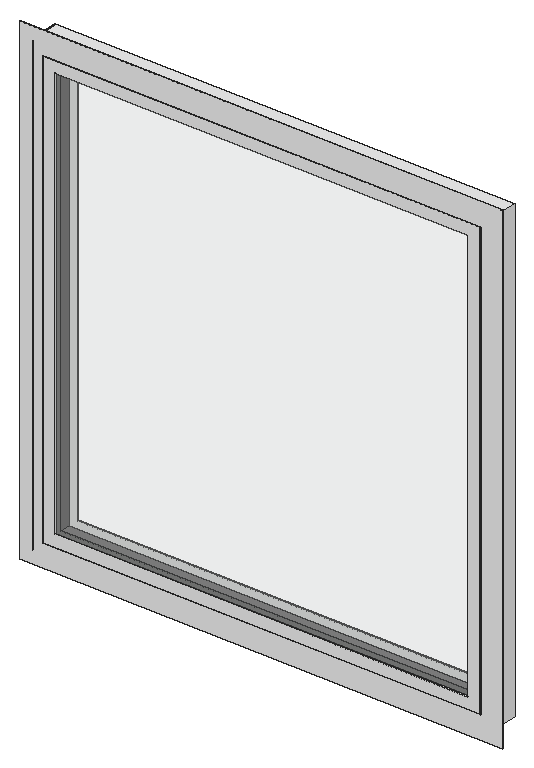
Revit family "Casement_30.5_C_Top_Hung_Custom", category Windows, host Wall, Revit 2014
Parameters (values of type "Casement_Sash_DG")
  Width Sash [instance] = 30 mm
  Width Sash Inner = 15 mm
  Width Bead = 15 mm
  Top Hung [instance] = yes
  Side Hung Right [instance] = yes
  Side Hung Left [instance] = yes
  Sash Opening Width [instance] = 600 mm
  Sash Opening Height [instance] = 600.312 mm
  Sash Lip = 15 mm
  Glazing Material [instance] = Glass
  DG Start Piece 2 [instance] = DG End Piece 1 + DG Gasket Thickness  # 25 mm
  DG Start Peice 1 [instance] = (Depth Sash - (2 * DG Glazing Thickness) - DG Gasket Thickness) / 2  # 6.6 mm
  Glazing Offset = 5 mm
  DG Glazing Thickness [instance] = 6.4 mm
  DG Gasket Thickness = 12 mm  # constant formula
  DG Gasket Material [instance] = Double Glazing Gasket Material
  DG End Piece 2 [instance] = DG Start Piece 2 + DG Glazing Thickness  # 31.4 mm
  DG End Piece 1 [instance] = DG Start Peice 1 + DG Glazing Thickness  # 13 mm
  Depth Sash [instance] = 38 mm
  Center Vertical Sash [instance] = Sash Opening Height / 2  # 300.156 mm
  Center Horizontal Sash [instance] = Sash Opening Width / 2  # 300 mm
  Bottom Hung [instance] = yes
  Bead Offset = 15 mm
  Aluminium Thickness = 1 mm
  Aluminium Material [instance] = White Powder Coated Aluminium
Reference planes
  plane 1 "Center (Front/Back)": y = 0
  plane 2: z = 0
  plane 3 "Center (Left/Right)": x = 0
Forms (mm)
  Sweep 1, solid, material "White Powder Coated Aluminium" <- "Aluminium Material"
    path origin (16.177, 0, 121.331) x (1, 0, 0) y (0, 0, 1)
      loop
        line (0, 0) -> (600, 0) -> (600, 600.312) -> (0, 600.312) -> (0, 0)
    profile origin (316.177, 0, 121.331) x (0, 0, 1) y (0, -1, 0)
      loop
        line (0, 0) -> (30, 0) -> (30, 1) -> (15, 1) -> (15, 38) -> (-15, 38) -> (-15, 37) -> (0, 37) -> (0, 0)
      loop
        line (14, 1) -> (14, 37) -> (1, 37) -> (1, 1) -> (14, 1)
  Sweep 2, solid, material "White Powder Coated Aluminium" <- "Aluminium Material"
    path origin (0, 0, 0) x (1, 0, 0) y (0, 0, 1)
      loop
        line (31.177, 706.643) -> (31.177, 136.331) -> (601.177, 136.331) -> (601.177, 706.643) -> (31.177, 706.643)
    profile origin (316.177, 0, 706.643) x (0, 0, 1) y (0, -1, 0)
      loop
        line (0, 37) -> (0, 38) -> (-15, 38) -> (-15, 37) -> (0, 37)
  Extrusion 3, solid, material "Glass" <- "Glazing Material"
    sketch origin (0, 0, 0) x (1, 0, 0) y (0, 0, 1)
      loop
        line (36.177, 701.643) -> (36.177, 141.331) -> (596.177, 141.331) -> (596.177, 701.643) -> (36.177, 701.643)
    from 6.6 <- "DG Start Peice 1" to 13 <- "DG End Piece 1"
  Extrusion 4, solid, material "Glass" <- "Glazing Material"
    sketch origin (0, 0, 0) x (1, 0, 0) y (0, 0, 1)
      loop
        line (36.177, 701.643) -> (36.177, 141.331) -> (596.177, 141.331) -> (596.177, 701.643) -> (36.177, 701.643)
    from 31.4 <- "DG End Piece 2" to 25 <- "DG Start Piece 2"
  Sweep 5, solid, material "Double Glazing Gasket Material" <- "DG Gasket Material"
    path origin (0, -13, 0) x (1, 0, 0) y (0, 0, 1)
      loop
        line (36.177, 701.643) -> (36.177, 141.331) -> (596.177, 141.331) -> (596.177, 701.643) -> (36.177, 701.643)
    profile origin (316.177, -13, 701.643) x (0, 0, 1) y (0, -1, 0)
      loop
        line (0, 0) -> (0, 12) -> (-7.96, 12) -> (-7.96, 0) -> (0, 0)
Lines and regions (mm)
  model lines
    curve 1: line (1.177, -38, 736.643) -> (31.177, -38, 706.643)
    curve 2: line (601.177, -38, 706.643) -> (631.177, -38, 736.643)
    curve 3: line (601.177, -38, 136.331) -> (631.177, -38, 106.331)
    curve 4: line (1.177, -38, 106.331) -> (31.177, -38, 136.331)
    curve 5: line (631.177, -37, 736.643) -> (616.177, -37, 721.643)
    curve 6: line (1.177, -37, 736.643) -> (16.177, -37, 721.643)
    curve 7: line (1.177, -37, 106.331) -> (16.177, -37, 121.331)
    curve 8: line (631.177, -37, 106.331) -> (616.177, -37, 121.331)
    curve 9: line (616.177, 0, 121.331) -> (586.177, 0, 151.331)
    curve 10: line (46.177, 0, 151.331) -> (16.177, 0, 121.331)
    curve 11: line (616.177, 0, 721.643) -> (586.177, 0, 691.643)
    curve 12: line (46.177, 0, 691.643) -> (16.177, 0, 721.643)
    curve 13: line (31.177, -38, 691.643) -> (46.177, -38, 691.643)
    curve 14: line (586.177, -38, 691.643) -> (601.177, -38, 691.643)
    curve 15: line (586.177, -38, 151.331) -> (601.177, -38, 151.331)
    curve 16: line (31.177, -38, 151.331) -> (46.177, -38, 151.331)
  model lines, style "GenericModelHiddenLines", visible <- "Top Hung"
    curve 17: line (46.386, -31.4, 690.914) -> (316.177, -31.4, 151.331)
    curve 18: line (316.177, -31.4, 151.331) -> (586.177, -31.4, 691.331)
  model lines, style "GenericModelHiddenLines", visible <- "Bottom Hung"
    curve 19: line (46.177, -31.4, 151.331) -> (316.177, -31.4, 691.331)
    curve 20: line (316.177, -31.4, 691.331) -> (586.177, -31.4, 151.331)
  model lines, style "GenericModelHiddenLines", visible <- "Side Hung Left"
    curve 21: line (46.386, -31.4, 690.914) -> (585.24, -31.4, 421.487)
    curve 22: line (585.24, -31.4, 421.487) -> (46.177, -31.4, 151.331)
  model lines, style "GenericModelHiddenLines", visible <- "Side Hung Right"
    curve 23: line (586.177, -31.4, 691.331) -> (46.177, -31.4, 421.487)
    curve 24: line (46.177, -31.4, 421.487) -> (586.177, -31.4, 151.331)
Dimensions and locks
  "Aluminium Thickness": Sweep 1 sketch curve to Sweep 1 sketch curve  (x4)
  "Depth Sash": Sweep 1 sketch curve to Sweep 1 sketch curve
  "Sash Opening Width": Sweep 1 to Sweep 1
  "Sash Opening Height": Sweep 1 to Sweep 1
  "Width Sash": Sweep 1 sketch curve to Sweep 1 sketch curve  (x2)
  "Width Sash Inner": Sweep 1 sketch curve to Sweep 1 sketch curve
  "Sash Lip": Sweep 1 sketch curve to Sweep 1 sketch curve
  "Aluminium Thickness": Sweep 1 to Sweep 2 sketch curve
  "Glazing Offset": Sweep 2 to Extrusion 3 sketch curve  (x3)
  "Glazing Offset": Extrusion 3 sketch curve to Sweep 2
  Sweep 1 to Sweep 1 = 1 mm
  "Aluminium Thickness": Sweep 2 sketch curve to Sweep 2 sketch curve
  "Width Bead": Sweep 2 sketch curve to Sweep 2 sketch curve
  locked: Sweep 5 sketch curve to Sweep 5 sketch curve at 7.96
  "Center Horizontal Sash": Sweep 1 to curve 18
  "Center Horizontal Sash": Sweep 1 to curve 20
  "Center Vertical Sash": Sweep 1 to curve 22
  "Center Vertical Sash": Sweep 1 to curve 24
  aligned and locked: level to plane 2
  aligned and locked: Sweep 1 sketch curve to Sweep 1 sketch curve  (x2)
  aligned and locked: Sweep 2 sketch curve to Sweep 1  (x5)
  aligned and locked: Extrusion 4 sketch curve to Extrusion 3  (x4)
  aligned and locked: Sweep 5 sketch curve to Extrusion 3  (x5)
  aligned and locked: Extrusion 3 to Sweep 5 sketch curve
Automatic sketch dimensions
  plane 3 "Center (Left/Right)" to Sweep 1 sketch curve = 16.177 mm
  level to Sweep 1 sketch curve = 121.331 mm
  plane 3 "Center (Left/Right)" to Sweep 1 sketch curve = 616.177 mm
  level to Sweep 1 sketch curve = 721.643 mm
  profile plane to Sweep 5 sketch curve = 12 mm
  curve 7 to Sweep 1 = 0 mm  (x4)
  curve 6 to Sweep 1 = 0 mm  (x3)
  Sweep 1 to curve 6 = 0 mm
  curve 5 to Sweep 1 = 0 mm  (x3)
  curve 8 to Sweep 1 = 0 mm  (x4)
  Sweep 1 to curve 5 = 0 mm
  curve 16 to Sweep 2 = 0 mm  (x3)
  curve 13 to Sweep 2 = 0 mm  (x3)
  curve 15 to Sweep 2 = 0 mm
  Sweep 2 to curve 15 = 0 mm  (x2)
  curve 14 to Sweep 2 = 0 mm  (x2)
  Sweep 2 to curve 14 = 0 mm
  curve 1 to Sweep 1 = 0 mm  (x4)
  curve 4 to Sweep 1 = 0 mm  (x3)
  Sweep 1 to curve 4 = 0 mm
  curve 3 to Sweep 1 = 0 mm  (x3)
  curve 2 to Sweep 1 = 0 mm  (x4)
  Sweep 1 to curve 3 = 0 mm
  curve 10 to Sweep 1 = 0 mm  (x4)
  curve 12 to Sweep 1 = 0 mm  (x3)
  Sweep 1 to curve 12 = 0 mm
  curve 9 to Sweep 1 = 0 mm  (x4)
  curve 11 to Sweep 1 = 0 mm  (x3)
  Sweep 1 to curve 11 = 0 mm
  Sweep 1 sketch curve to plane 1 "Center (Front/Back)" = 0 mm
  profile plane to Sweep 1 sketch curve = 0 mm
  curve 21 to Extrusion 4 = 10.208 mm
  curve 19 to Extrusion 4 = 10 mm
  curve 23 to Extrusion 4 = 10 mm  (x2)
  curve 22 to Extrusion 4 = 10.937 mm
  curve 20 to Extrusion 4 = 10 mm
  curve 24 to Extrusion 4 = 10 mm
  curve 22 to Extrusion 4 = 10 mm
  curve 18 to Extrusion 4 = 10 mm
  curve 21 to Extrusion 4 = 10.729 mm
  curve 19 to Extrusion 4 = 10.312 mm
  curve 18 to Extrusion 4 = 10.312 mm
